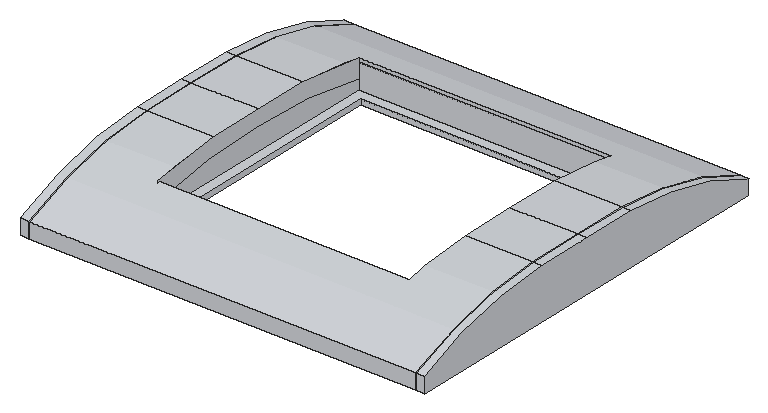
Revit family "Gira_0211803", category Electrical Fixtures, host Face, Revit 2017
Family settings
  Host = Face
  Maintain Annotation Orientation = No
  Round Connector Dimension = Use Diameter
  Part Type = Normal
  Cut with Voids When Loaded = No
  Shared = No
  Room Calculation Point = No
Parameters (values of type "Cov.fr. 1-g interm.fr. PW Gira Event p.white")
  With mounting grid = "No"
  With hinged lid = "No"
  URL = "http://katalog.gira.de/en/datenblatt.html?artikelnr=0211803"
  Type of fastening = "Clamp mounting"
  Transparent = "No"
  Surface protection = "Other"
  Suitable for wall duct = "No"
  Suitable for flush-mounted installation = "Yes"
  Suitable for floor box = "No"
  Suitable for built-in installation = "No"
  Number of units vertical = "1"
  Number of units horizontal = "1"
  Number of units = "1"
  Name = "Cov.fr. 1-g interm.fr. PW Gira Event p.white"
  Mounting direction = "Horizontal and vertical"
  Material quality = "Thermoplastic"
  Material = "Plastic"
  Manufacturer URL = "https://www.gira.de/"
  Manufacturer = "Gira"
  Label space/information surface = "No"
  Keynote = ""
  HeinzeBIM = "https://bimportal.heinze.de/bim/cov-fr-1-g-interm-fr-pw-gira-event-p-white/ac1af5f9604cbd49880c2c70b9138d8790a44580"
  Halogen free = "Yes"
  HAN = "0211803"
  GTIN = "4010337069966"
  Description = "Cov.fr.1g i.fr.PW Event PW,Gira Event frames,pure white glossy with pure white glossy intermediate frame,1-gang,Features:,- Shatter-proof."
  Degree of protection (IP) = "IP20"
  Default Elevation = 1219.2 mm
  Data sheet (1) = "https://katalog.gira.de/en/download.html?artikelnr=0211803"
  Colour = "White"
  Category = "Cover frame for domestic switching devices"
  BIM (1) = "https://media.stage.bim.site/public/gira/36a6b08/Event_Rahmen_1fach.rfa"
  Available = "No"
Reference planes
  plane 1 "Center (Front/Back)": y = 0
  plane 2: z = 0
  plane 3 "Center (Left/Right)": x = 0
Forms (mm)
  Extrusion 1, solid, detail levels fine
    sketch origin (0, 0, 1.55) x (0, 1, 0) y (0, 0, 1)
      loop
        arc (12.445, 9.683) -> (6.223, 9.833) -> (0, 9.85) r 291.636
        arc (0, 9.85) -> (-6.223, 9.833) -> (-12.445, 9.683) r 291.636
        arc (-12.445, 9.683) -> (-29.14, 7.482) -> (-45, 1.823) r 79.728
        line (-45, 1.823) -> (-45, -1.55) -> (-41.777, -1.55) -> (-41.777, -0.55)
        arc (-41.777, -0.55) -> (-21.205, 4.846) -> (0, 6.467) r 118.15
        arc (0, 6.467) -> (21.205, 4.846) -> (41.777, -0.55) r 118.15
        line (41.777, -0.55) -> (41.777, -1.55) -> (45, -1.55) -> (45, 1.823)
        arc (45, 1.823) -> (29.14, 7.482) -> (12.445, 9.683) r 79.728
    from -43 to 43
  Extrusion 2, void, detail levels fine
    sketch origin (0, 0, 0) x (1, 0, 0) y (0, 1, 0)
      loop
        line (-28, -28) -> (28, -28) -> (28, 28) -> (-28, 28) -> (-28, -28)
    from 2.85 to 12
  Extrusion 3, solid, detail levels coarse
    sketch origin (0, 0, 0) x (1, 0, 0) y (0, 1, 0)
      loop
        line (-45, 45) -> (-45, -45) -> (45, -45) -> (45, 45) -> (-45, 45)
    from 0 to 11.4
  Extrusion 4, solid, detail levels medium
    sketch origin (0, 0, 1.55) x (0, 1, 0) y (0, 0, 1)
      loop
        arc (12.445, 9.683) -> (6.223, 9.833) -> (0, 9.85) r 291.636
        arc (0, 9.85) -> (-6.223, 9.833) -> (-12.445, 9.683) r 291.636
        arc (-12.445, 9.683) -> (-29.14, 7.482) -> (-45, 1.823) r 79.728
        line (-45, 1.823) -> (-45, -1.55) -> (45, -1.55) -> (45, 1.823)
        arc (45, 1.823) -> (29.14, 7.482) -> (12.445, 9.683) r 79.728
    from -45 to 45
  Extrusion 5, solid, detail levels fine
    sketch origin (0, 0, 0) x (0, 1, 0) y (0, 0, 1)
      loop
        arc (45, 3.373) -> (29.14, 9.032) -> (12.445, 11.233) r 79.728
        arc (12.445, 11.233) -> (6.223, 11.383) -> (0, 11.4) r 291.636
        arc (0, 11.4) -> (-6.223, 11.383) -> (-12.445, 11.233) r 291.636
        arc (-12.445, 11.233) -> (-29.14, 9.032) -> (-45, 3.373) r 79.728
        line (-45, 3.373) -> (-45, 0) -> (45, 0) -> (45, 3.373)
    from 43 to 45
  Extrusion 6, solid, detail levels fine
    sketch origin (0, 0, 0) x (0, 1, 0) y (0, 0, -1)
      loop
        line (45, -3.373) -> (45, 0) -> (-45, 0) -> (-45, -3.373)
        arc (-45, -3.373) -> (-29.14, -9.032) -> (-12.445, -11.233) r 79.728
        arc (-12.445, -11.233) -> (-6.223, -11.383) -> (0, -11.4) r 291.636
        arc (0, -11.4) -> (6.223, -11.383) -> (12.445, -11.233) r 291.636
        arc (12.445, -11.233) -> (29.14, -9.032) -> (45, -3.373) r 79.728
    from 43 to 45
  Extrusion 7, solid, detail levels fine
    sketch origin (0, 0, 0) x (1, 0, 0) y (0, 1, 0)
      loop
        line (-25.7, 25.7) -> (-25.7, -25.7) -> (25.7, -25.7) -> (25.7, 25.7) -> (-25.7, 25.7)
      loop
        line (-29.495, 27.895) -> (-29.495, -27.895)
        spline (-29.495, -27.895) -> (-29.486, -28.025) -> (-29.461, -28.154) -> (-29.419, -28.278) -> (-29.361, -28.395) -> (-29.288, -28.504) -> (-29.202, -28.602) -> (-29.104, -28.688) -> (-28.995, -28.761) -> (-28.878, -28.819) -> (-28.754, -28.861) -> (-28.625, -28.886) -> (-28.495, -28.895)
        line (-28.495, -28.895) -> (28.495, -28.895)
        spline (28.495, -28.895) -> (28.625, -28.886) -> (28.754, -28.861) -> (28.878, -28.819) -> (28.995, -28.761) -> (29.104, -28.688) -> (29.202, -28.602) -> (29.288, -28.504) -> (29.361, -28.395) -> (29.419, -28.278) -> (29.461, -28.154) -> (29.486, -28.025) -> (29.495, -27.895)
        line (29.495, -27.895) -> (29.495, 27.895)
        spline (29.495, 27.895) -> (29.486, 28.025) -> (29.461, 28.154) -> (29.419, 28.278) -> (29.361, 28.395) -> (29.288, 28.504) -> (29.202, 28.602) -> (29.104, 28.688) -> (28.995, 28.761) -> (28.878, 28.819) -> (28.754, 28.861) -> (28.625, 28.886) -> (28.495, 28.895)
        line (28.495, 28.895) -> (-28.495, 28.895)
        spline (-28.495, 28.895) -> (-28.625, 28.886) -> (-28.754, 28.861) -> (-28.878, 28.819) -> (-28.995, 28.761) -> (-29.104, 28.688) -> (-29.202, 28.602) -> (-29.288, 28.504) -> (-29.361, 28.395) -> (-29.419, 28.278) -> (-29.461, 28.154) -> (-29.486, 28.025) -> (-29.495, 27.895)
    from 1.673 to 8.5
Cuts and joins
  Extrusion 2 cuts Extrusion 1
  Extrusion 2 cuts Extrusion 7
Dimensions and locks
  aligned and locked: plane 2 to host face
  aligned and locked: level to host face
